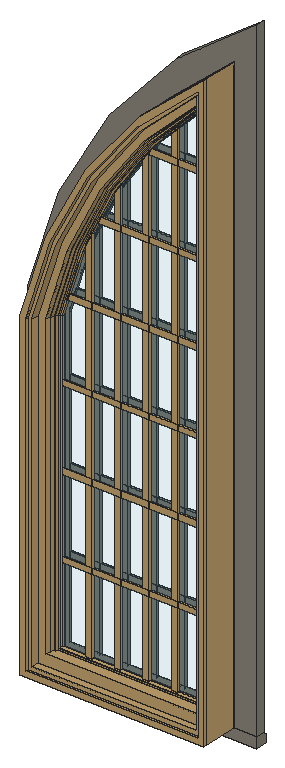
Revit family (continued)
Definition of nested family "Roundtop_Section_Detail"
  Definition of nested family "Head_Detail"
    Lines and regions (in)
      detail lines, style "Cut Lines", in view "Ref. Level"
        curve 2: line (-1.09401, 0, 0) -> (4.56199, 0, 0)
        curve 3: line (4.56199, -1.188, 0) -> (0.53125, -1.188, 0)
        curve 4: line (-1.09401, -0.52105, 0) -> (-1.09401, 0, 0)
        curve 5: line (0.39248, -0.625, 0) -> (-1.09401, -0.52105, 0)
        curve 6: line (0.39248, -0.625, 0) -> (2, -0.625, 0)
        curve 12: line (3.53074, -1.188, 0) -> (3.53074, -2.1255, 0)
        curve 13: line (3.53074, -2.1255, 0) -> (2.87449, -2.1255, 0)
        curve 14: line (2.87449, -2.313, 0) -> (2.34399, -2.313, 0)
        curve 15: line (2.34399, -2.5005, 0) -> (2, -2.5005, 0)
        curve 16: line (2.87449, -2.1255, 0) -> (2.87449, -2.313, 0)
        curve 17: line (0.53125, -0.8125, 0) -> (0.53125, -1.188, 0)
        curve 18: line (0.125, -0.8125, 0) -> (0.53125, -0.8125, 0)
        curve 19: line (0.125, -2.696, 0) -> (0.125, -0.8125, 0)
        curve 20: line (0.2358, -2.696, 0) -> (0.125, -2.696, 0)
        curve 21: line (0.44605, -2.90625, 0) -> (0.2358, -2.696, 0)
        curve 22: line (0.47297, -2.208, 0) -> (0.47297, -2.90625, 0)
        curve 23: line (1.50299, -2.208, 0) -> (0.47297, -2.208, 0)
        curve 24: line (1.50299, -2.90625, 0) -> (1.50299, -2.208, 0)
        curve 25: line (1.66374, -2.90625, 0) -> (1.50299, -2.90625, 0)
        curve 26: line (2, -2.677, 0) -> (1.89299, -2.677, 0)
        curve 27: line (2, -0.625, 0) -> (2, -2.677, 0)
        curve 28: line (0.47297, -2.90625, 0) -> (0.44605, -2.90625, 0)
        curve 29: line (1.89299, -2.677, 0) -> (1.66374, -2.90625, 0)
        curve 30: line (2.34399, -2.5005, 0) -> (2.34399, -2.313, 0)
        curve 31: line (1.31549, -2.45402, 0) -> (0.69049, -2.45402, 0)
        curve 32: line (1.31549, -2.6605, 0) -> (0.69049, -2.6605, 0)
        curve 33: line (1.50299, -2.353, 0) -> (1.31549, -2.353, 0)
        curve 34: line (0.69049, -2.353, 0) -> (0.50199, -2.353, 0)
      detail lines, style "Cut Lines", in view "Ref. Level", visible <- "Flange"
        curve 7: line (0, 1.5, 0) -> (0, 0.15, 0)
        curve 8: line (-0.04501, 0, 0) -> (-0.04501, 1.5, 0)
        curve 9: line (-0.04501, 1.5, 0) -> (0, 1.5, 0)
        curve 10: line (0.10999, 0.15, 0) -> (0.10999, 0, 0)
        curve 11: line (0, 0.15, 0) -> (0.10999, 0.15, 0)
    Dimensions and locks (in)
      aligned and locked: curve 25 to curve 28
      aligned and locked: curve 24 to curve 33
  Definition of nested family "Sill_Detail"
    Parameters (values of type "Jamb_Detail")
      Flange = yes
      Assembly Code = ""
    Reference planes (in)
      plane 1 "Center (Front/Back)": y = 0
      plane 2: z = 0
      plane 3 "Center (Left/Right)": x = 0
    Lines and regions (in)
      detail lines, style "Cut Lines", in view "Ref. Level"
        curve 1: line (4.56199, 0, 0) -> (4.56199, 1.188, 0)
        curve 2: line (-1.09401, 0, 0) -> (4.56199, 0, 0)
        curve 3: line (4.56199, 1.188, 0) -> (0.53125, 1.188, 0)
        curve 4: line (-1.09401, 0.52105, 0) -> (-1.09401, 0, 0)
        curve 5: line (0.39248, 0.625, 0) -> (-1.09401, 0.52105, 0)
        curve 6: line (0.39248, 0.625, 0) -> (2, 0.625, 0)
        curve 12: line (3.53074, 1.188, 0) -> (3.53074, 2.5005, 0)
        curve 13: line (3.53074, 2.5005, 0) -> (2, 2.5005, 0)
        curve 14: line (0.53125, 0.8125, 0) -> (0.53125, 1.188, 0)
        curve 15: line (0.125, 0.8125, 0) -> (0.53125, 0.8125, 0)
        curve 16: line (0.125, 2.696, 0) -> (0.125, 0.8125, 0)
        curve 17: line (0.2358, 2.696, 0) -> (0.125, 2.696, 0)
        curve 18: line (0.44605, 2.90625, 0) -> (0.2358, 2.696, 0)
        curve 19: line (0.47297, 2.208, 0) -> (0.47297, 2.90625, 0)
        curve 20: line (1.50299, 2.208, 0) -> (0.47297, 2.208, 0)
        curve 21: line (1.50299, 2.90625, 0) -> (1.50299, 2.208, 0)
        curve 22: line (1.66374, 2.90625, 0) -> (1.50299, 2.90625, 0)
        curve 23: line (2, 2.677, 0) -> (1.89299, 2.677, 0)
        curve 24: line (2, 0.625, 0) -> (2, 2.677, 0)
        curve 25: line (0.47297, 2.90625, 0) -> (0.44605, 2.90625, 0)
        curve 26: line (1.89299, 2.677, 0) -> (1.66374, 2.90625, 0)
        curve 27: line (1.31549, 2.45402, 0) -> (0.69049, 2.45402, 0)
        curve 28: line (1.31549, 2.6605, 0) -> (0.69049, 2.6605, 0)
        curve 29: line (1.50299, 2.353, 0) -> (1.31549, 2.353, 0)
        curve 30: line (0.69049, 2.353, 0) -> (0.50199, 2.353, 0)
      detail lines, style "Cut Lines", in view "Ref. Level", visible <- "Flange"
        curve 7: line (0, -1.5, 0) -> (0, -0.15, 0)
        curve 8: line (-0.04501, 0, 0) -> (-0.04501, -1.5, 0)
        curve 9: line (-0.04501, -1.5, 0) -> (0, -1.5, 0)
        curve 10: line (0.10999, -0.15, 0) -> (0.10999, 0, 0)
        curve 11: line (0, -0.15, 0) -> (0.10999, -0.15, 0)
